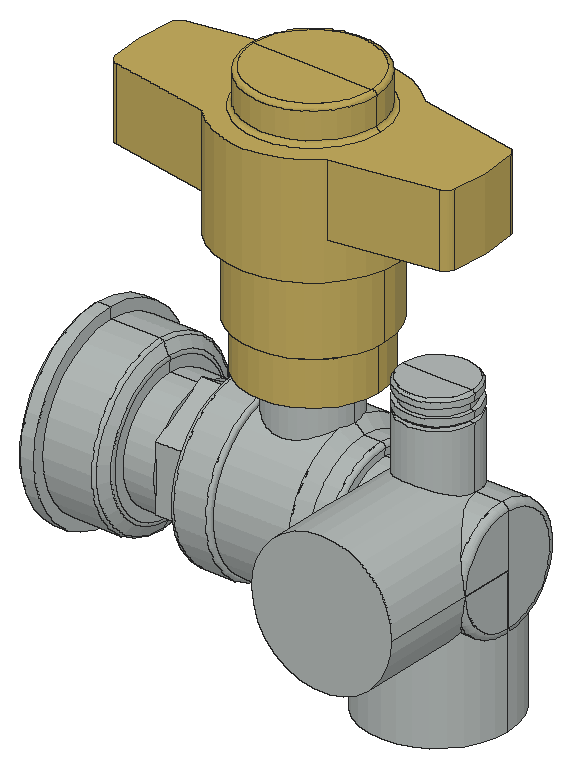
Revit family "QP01592149", category Apparecchi idraulici, Revit 2020
Family settings
  Quota connettore circolare = Usa diametro
  Tipo di parte = Normale
  Numero OmniClass = 23.45.00.00
  Titolo OmniClass = Sanitary, Laundry, and Cleaning Equipment
  Basato su piano di lavoro = No
  Sempre verticale = Sì
  Taglio con vuoti quando caricato = No
  Condiviso = No
  Punto di calcolo locali = No
Parameters
  URL = "https://web.cimberio.com/index.php/figura/1590?subcategoria_id="
  Temperatura di esercizio = "-20 ÷ 60°C"
  Prospetto di default = 0 mm
  Produttore = "CIMBERIO SPA"
  Pressione nominale = "MOP 5"
  Modello = "Cim 111GLD"
  Materiale = "Prodotto in lega di ottone conforme alla norma EN 12165-CW617N-DW"
  Descrizione = "Utilizzato nell’impiantistica distributiva di gas a bassa pressione per le categorie:\r\nGas naturali: gas derivati dal petrolio (Metano) e gas di ricambio.\r\nGas di città: prodotti secondo i diversi procedimenti (Cracking - Cokerie - ecc.).\r\nGas liquidi: propano e miscele di gas propano/butano"
  DN [instance] = 20 mm
  Commenti sul tipo = "Realizzato in ottemperanza ai requisiti gestionali della norma EN ISO 9001.\r\nCollaudato al 100% secondo la normativa EN 12266-1"
Reference planes
  plane 1 "Centro (Fronte/Retro)": y = 0
  plane 2: z = 0
  plane 3 "Centro (Sinistra/Destra)": x = 0
Forms (mm)
  Revolve 1, solid, material "Cim_Lega di ottone"
    sketch origin (0, 0, 0) x (1, 0, 0) y (0, 0, 1)
      loop
        line (-17.1, 10) -> (38.198, 10) -> (38.198, 0) -> (44.5, 0) -> (44.5, 12)
        arc (44.5, 12) -> (44.061, 13.061) -> (43, 13.5) r 1.5
        line (43, 13.5) -> (16.5, 13.5) -> (16.5, 15)
        arc (16.5, 15) -> (16.207, 15.707) -> (15.5, 16) r 1
        line (15.5, 16) -> (11.5, 16) -> (9, 18.5) -> (-8.025, 18.5)
        arc (-8.025, 18.5) -> (-8.168, 19.19) -> (-8.8, 19.5) r 0.8
        line (-8.8, 19.5) -> (-16.106, 19.5)
        arc (-16.106, 19.5) -> (-16.809, 19.209) -> (-17.1, 18.506) r 0.994
        line (-17.1, 18.506) -> (-17.1, 10)
      axis (-17.1, 0) -> (44.5, 0)
    angle from 0 to 360
  Extrusion 2, solid, material "Cim_Lega di ottone"
    sketch origin (0, 0, 0) x (1, 0, 0) y (0, 0, 1)
      loop
        circle (28.5, 0) r 16
    from 0 to 33.033
  Revolve 3, solid, material "Cim_Lega di ottone"
    sketch origin (0, 0, 0) x (1, 0, 0) y (0, 0, 1)
      loop
        line (28.5, -33) -> (44.5, -33) -> (44.5, 0) -> (28.5, 0) -> (28.5, -33)
      axis (28.5, -33) -> (28.5, 0)
    angle from 0 to 360
  Revolve 4, solid, material "Cim_Lega di ottone"
    sketch origin (0, 0, 0) x (1, 0, 0) y (0, 0, 1)
      loop
        line (28.5, 34) -> (28.5, 9.625) -> (36.998, 9.625) -> (36.998, 27.5) -> (35.6, 27.5)
        arc (35.6, 27.5) -> (35.272, 27.865) -> (34.8, 28) r 0.89
        line (34.8, 28) -> (36.358, 28) -> (36.998, 28.5) -> (36.998, 30.015) -> (35.933, 30.015) -> (35.933, 31.997) -> (36.932, 31.997) -> (36.932, 33.293) -> (36.437, 34) -> (28.5, 34)
      axis (28.5, 9.625) -> (28.5, 34)
    angle from 0 to 360
  Revolve 5, solid, material "Cim_Lega di ottone"
    sketch origin (0, 0, 0) x (1, 0, 0) y (0, 0, 1)
      loop
        line (0, 25.9) -> (0, 13.997) -> (9.5, 13.997) -> (9.5, 23.425)
        arc (9.5, 23.425) -> (9.789, 23.893) -> (10, 24.4) r 3.447
        line (10, 24.4) -> (10, 25.9) -> (0, 25.9)
      axis (0, 25.9) -> (0, 13.997)
    angle from 0 to 360
  Revolve 6, solid, material "Cim_Alluminio giallo"
    sketch origin (0, 0, 0) x (1, 0, 0) y (0, 0, 1)
      loop
        line (0, 87.3) -> (0, 25.9) -> (15, 25.9) -> (15, 35.9) -> (16.5, 36.766) -> (16.5, 54.3) -> (19.924, 54.3) -> (19.924, 79.3) -> (15.5, 79.3)
        arc (15.5, 79.3) -> (14.793, 79.593) -> (14.5, 80.3) r 1
        line (14.5, 80.3) -> (14.5, 86.3)
        arc (14.5, 86.3) -> (14.207, 87.007) -> (13.5, 87.3) r 1
        line (13.5, 87.3) -> (0, 87.3)
      axis (0, 87.3) -> (0, 25.9)
    angle from 0 to 360
  Extrusion 7, solid, material "Cim_Alluminio giallo"
    sketch origin (0, 0, 0) x (1, 0, 0) y (0, 1, 0)
      loop
        arc (0, 14.467) -> (-18.572, 13.309) -> (-36.856, 9.852) r 149.5
        arc (-36.856, 9.852) -> (-38.047, 9.156) -> (-38.688, 7.934) r 2.5
        arc (-38.688, 7.934) -> (-39.5, -0.033) -> (-38.688, -8.001) r 39.5
        arc (-38.688, -8.001) -> (-38.047, -9.223) -> (-36.856, -9.919) r 2.5
        arc (-36.856, -9.919) -> (-18.572, -13.375) -> (0, -14.533) r 149.5
        arc (0, -14.533) -> (18.572, -13.375) -> (36.856, -9.919) r 149.5
        arc (36.856, -9.919) -> (38.047, -9.223) -> (38.688, -8.001) r 2.5
        arc (38.688, -8.001) -> (39.5, -0.033) -> (38.688, 7.934) r 39.5
        arc (38.688, 7.934) -> (38.047, 9.156) -> (36.856, 9.852) r 2.5
        arc (36.856, 9.852) -> (18.572, 13.309) -> (0, 14.467) r 149.5
    from 62.92 to 79.3
  Extrusion 8, solid, material "Cim_Lega di ottone"
    sketch origin (0, 0, 0) x (0, 1, 0) y (0, 0, 1)
      loop
        circle (0, 0) r 10
      loop
        line (0, 14.95) -> (-12.947, 7.475) -> (-12.947, -7.475) -> (0, -14.95) -> (12.947, -7.475) -> (12.947, 7.475) -> (0, 14.95)
    from -25.389 to -17.1
  Revolve 9, solid, material "Cim_Lega di ottone"
    sketch origin (0, 0, 0) x (1, 0, 0) y (0, 0, 1)
      loop
        line (-32.6, 13.5) -> (-32.6, 10) -> (-25.389, 10) -> (-25.389, 13.5) -> (-32.6, 13.5)
      axis (-32.6, 0) -> (-25.389, 0)
    angle from 0 to 360
  Revolve 10, solid, material "Cim_Lega di ottone"
    sketch origin (0, 0, 0) x (1, 0, 0) y (0, 0, 1)
      loop
        line (-49.6, 10) -> (-32.6, 10) -> (-32.6, 15.886)
        arc (-32.6, 15.886) -> (-32.589, 16.322) -> (-32.734, 16.732) r 1.195
        line (-32.734, 16.732) -> (-34.043, 19)
        arc (-34.043, 19) -> (-34.409, 19.366) -> (-34.909, 19.5) r 1
        line (-34.909, 19.5) -> (-46.1, 19.5) -> (-46.1, 22) -> (-48.983, 22) -> (-49.6, 21.5) -> (-49.6, 10)
      axis (-49.6, 0) -> (-32.6, 0)
    angle from 0 to 360
Cuts and joins
  joined: Revolve 6, Extrusion 7
Dimensions and locks
  aligned and locked: level to plane 2
Connectors
  piping at (-49.6, 0, 0), diameter 20, driven by "DN"
    settings: on Revolve 10, index 1, connector inside diameter 609.6 mm, connector length 0 mm, flow factor 0, pipe flow 0.0 L/s, pressure drop 0.0 Pa, fitting loss kfactor 0, connector angle 0.00°, fixture units 0, engagement length 0 mm, angle of deflection 0.00°, flow configuration 0, flow direction 0, fitting loss method 0, system type 7, joint type 0, gender type 0, connector reference index -1, connector utility 0, adjustable connector no, is connector primary yes, connector description ""
